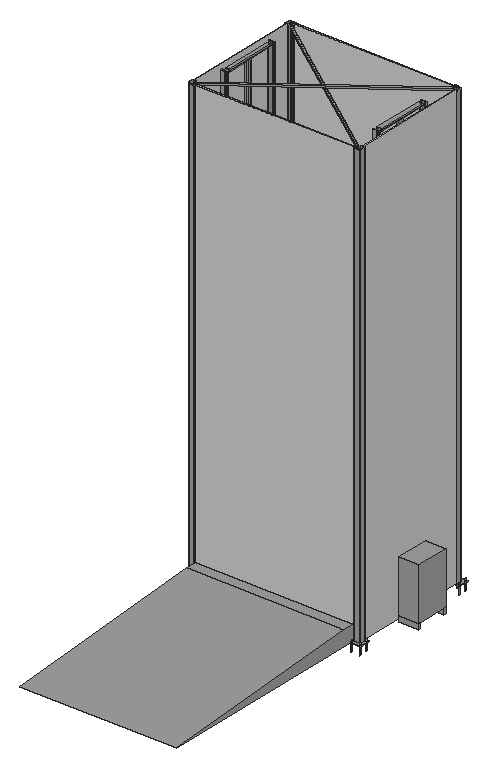
Revit family "1SE_Trez_TC_2C_T_3000_With_Ramp", category Specialty Equipment, Revit 2019
Family settings
  Round Connector Dimension = Use Diameter
  Part Type = Normal
  Work Plane-Based = No
  Always vertical = Yes
  Cut with Voids When Loaded = Yes
  Shared = No
  Room Calculation Point = No
Parameters (values of type "Platform-2000x2000mm with Door Height 2500mm")
  Safe Working Load = 3000.00 kg  # constant formula
  Safe Space = if(Cabin or Platform = Cabin, 900.0 mm, if(and(Cabin or Platform = Platform, Door Clear Height > 1900.0 mm), 600.0 mm, 0.0 mm))  # 600.0 mm
  Ramp Width = Tower Width - 250.0 mm  # 2700.0 mm
  Ramp Material = TREZ_Steel
  Platform = Speciality_Equipment_Trez_Platform : Platform
  Door Clear Width = Clear Width  # 2000.0 mm
  Door Clear Height = 2500.0 mm
  Clear Width = 2000.0 mm
  URL = "https://trez.bg/en/products/goods-only-lift-tc/tc-2ct-two-cylinders-and-tower/"
  Tower Width = Real Width + 2 * Clearance  # 2950.0 mm
  Tower Depth = Real Depth + 180.0 mm  # 2180.0 mm
  Tower Cladding Material = TREZ_Steel_Cladding
  Real Width = if(Clear Width < 1300.0 mm, 1300.0 mm, if(Clear Width > 2000.0 mm, 2000.0 mm, Clear Width))  # 2000.0 mm
  Real Depth = if(Clear Depth < 1300.0 mm, 1300.0 mm, if(Clear Depth > 2000.0 mm, 2000.0 mm, Clear Depth))  # 2000.0 mm
  Profiles Material = TREZ_Steel
  Platform Material = TREZ_Steel
  Ramp Height = 250.0 mm  # constant formula
  Travel = 4500.0 mm
  Rail Height = Travel + Headroom  # 7600.0 mm
  Model = "TC 2C T 3000"
  Manufacturer = "TREZ Ltd."
  Headroom = Door Clear Height + Safe Space  # 3100.0 mm
  Description = "Trez Compact 2 Cylinders Tower. Goods only lift."  # constant formula
  Clear Depth = 2000.0 mm
  Created By URL = "https://all1studio.com/"
  Created By = "All 1 Studio Ltd."
  Clearance = 475.0 mm  # constant formula
  Cabin or Platform Back = yes
  Cabin or Platform = Speciality_Equipment_Trez_Platform : Platform
  Cabin = Speciality_Equipment_Trez_Cabin : Cabin
Reference planes
  plane 1 "Center (Front/Back)": y = 0
  plane 2: z = 0
  plane 3 "Center (Left/Right)": x = 0
  plane 4: x = -1000
  plane 5: x = 1000
  plane 6: y = 1000
  plane 7: y = -1000
  plane 8: x = 1475
  plane 9: y = 1110
  plane 10: x = -1475
  plane 11: y = -1070
  plane 12: x = 1420
  plane 13: x = -1420
  plane 14: y = 1055
  plane 15: y = -1015
  plane 16: z = 4500
  plane 17 "Top of Lift": z = 7600
  plane 18: x = -1428.5
  plane 19: x = 1428.5
  plane 20: x = 1685
  plane 21: x = -1459.032
  plane 22: x = -1441.032
  plane 23: y = 1094
  plane 24: y = 1076
  plane 25: x = 1459
  plane 26: x = 1441
  plane 27: y = -1054
  plane 28: y = -1036
  plane 29: x = -1535
  plane 30: y = 1170
  plane 31: x = 1535
  plane 32: y = -1130
  plane 33: x = -1288.5
  plane 34: x = 1288.5
  plane 35: z = 7540
  plane 36: z = 40
  plane 37: z = -145
  plane 38 "Ramp": z = 250
Forms (mm)
  Extrusion 1, solid, material "TREZ_Steel_Cladding" <- "Tower Cladding Material", detail levels coarse+medium
    sketch origin (0, 0, 0) x (1, 0, 0) y (0, 1, 0)
      loop
        line (-1475, 1110) -> (-1475, 1005) -> (-1459.032, 1005) -> (-1459.032, -965) -> (-1475, -965) -> (-1475, -1070) -> (-1370, -1070) -> (-1370, -1054) -> (1370, -1054) -> (1370, -1070) -> (1475, -1070) -> (1475, -965) -> (1459, -965) -> (1459, 1005) -> (1475, 1005) -> (1475, 1110) -> (1370, 1110) -> (1370, 1094) -> (-1370, 1094) -> (-1370, 1110) -> (-1475, 1110)
      loop
        line (-1420, 1055) -> (-1420, 1005) -> (-1441.032, 1005) -> (-1441.032, -965) -> (-1420, -965) -> (-1420, -1015) -> (-1370, -1015) -> (-1370, -1036) -> (1370, -1036) -> (1370, -1015) -> (1420, -1015) -> (1420, -965) -> (1441, -965) -> (1441, 1005) -> (1420, 1005) -> (1420, 1055) -> (1370, 1055) -> (1370, 1076) -> (-1370, 1076) -> (-1370, 1055) -> (-1420, 1055)
    from 0 to 7600
  Extrusion 2, solid, material "TREZ_Steel" <- "Profiles Material", detail levels fine
    sketch origin (0, 0, 0) x (1, 0, 0) y (0, 1, 0)
      loop
        line (-1475, 1103) -> (-1475, 1012)
        arc (-1475, 1012) -> (-1472.95, 1007.05) -> (-1468, 1005) r 7
        line (-1468, 1005) -> (-1427, 1005)
        arc (-1427, 1005) -> (-1422.05, 1007.05) -> (-1420, 1012) r 7
        line (-1420, 1012) -> (-1420, 1048)
        arc (-1420, 1048) -> (-1417.95, 1052.95) -> (-1413, 1055) r 7
        line (-1413, 1055) -> (-1377, 1055)
        arc (-1377, 1055) -> (-1372.05, 1057.05) -> (-1370, 1062) r 7
        line (-1370, 1062) -> (-1370, 1103)
        arc (-1370, 1103) -> (-1372.05, 1107.95) -> (-1377, 1110) r 7
        line (-1377, 1110) -> (-1468, 1110)
        arc (-1468, 1110) -> (-1472.95, 1107.95) -> (-1475, 1103) r 7
      loop
        line (1468, 1110) -> (1377, 1110)
        arc (1377, 1110) -> (1372.05, 1107.95) -> (1370, 1103) r 7
        line (1370, 1103) -> (1370, 1062)
        arc (1370, 1062) -> (1372.05, 1057.05) -> (1377, 1055) r 7
        line (1377, 1055) -> (1413, 1055)
        arc (1413, 1055) -> (1417.95, 1052.95) -> (1420, 1048) r 7
        line (1420, 1048) -> (1420, 1012)
        arc (1420, 1012) -> (1422.05, 1007.05) -> (1427, 1005) r 7
        line (1427, 1005) -> (1468, 1005)
        arc (1468, 1005) -> (1472.95, 1007.05) -> (1475, 1012) r 7
        line (1475, 1012) -> (1475, 1103)
        arc (1475, 1103) -> (1472.95, 1107.95) -> (1468, 1110) r 7
      loop
        arc (-1475, -1063) -> (-1472.95, -1067.95) -> (-1468, -1070) r 7
        line (-1468, -1070) -> (-1377, -1070)
        arc (-1377, -1070) -> (-1372.05, -1067.95) -> (-1370, -1063) r 7
        line (-1370, -1063) -> (-1370, -1022)
        arc (-1370, -1022) -> (-1372.05, -1017.05) -> (-1377, -1015) r 7
        line (-1377, -1015) -> (-1413, -1015)
        arc (-1413, -1015) -> (-1417.95, -1012.95) -> (-1420, -1008) r 7
        line (-1420, -1008) -> (-1420, -972)
        arc (-1420, -972) -> (-1422.05, -967.05) -> (-1427, -965) r 7
        line (-1427, -965) -> (-1468, -965)
        arc (-1468, -965) -> (-1472.95, -967.05) -> (-1475, -972) r 7
        line (-1475, -972) -> (-1475, -1063)
      loop
        arc (1468, -1070) -> (1472.95, -1067.95) -> (1475, -1063) r 7
        line (1475, -1063) -> (1475, -972)
        arc (1475, -972) -> (1472.95, -967.05) -> (1468, -965) r 7
        line (1468, -965) -> (1427, -965)
        arc (1427, -965) -> (1422.05, -967.05) -> (1420, -972) r 7
        line (1420, -972) -> (1420, -1008)
        arc (1420, -1008) -> (1417.95, -1012.95) -> (1413, -1015) r 7
        line (1413, -1015) -> (1377, -1015)
        arc (1377, -1015) -> (1372.05, -1017.05) -> (1370, -1022) r 7
        line (1370, -1022) -> (1370, -1063)
        arc (1370, -1063) -> (1372.05, -1067.95) -> (1377, -1070) r 7
        line (1377, -1070) -> (1468, -1070)
      loop
        arc (-1373, 1103) -> (-1374.172, 1105.828) -> (-1377, 1107) r 4
        line (-1377, 1107) -> (-1468, 1107)
        arc (-1468, 1107) -> (-1470.828, 1105.828) -> (-1472, 1103) r 4
        line (-1472, 1103) -> (-1472, 1012)
        arc (-1472, 1012) -> (-1470.828, 1009.172) -> (-1468, 1008) r 4
        line (-1468, 1008) -> (-1427, 1008)
        arc (-1427, 1008) -> (-1424.172, 1009.172) -> (-1423, 1012) r 4
        line (-1423, 1012) -> (-1423, 1048)
        arc (-1423, 1048) -> (-1420.071, 1055.071) -> (-1413, 1058) r 10
        line (-1413, 1058) -> (-1377, 1058)
        arc (-1377, 1058) -> (-1374.172, 1059.172) -> (-1373, 1062) r 4
        line (-1373, 1062) -> (-1373, 1103)
      loop
        line (-1373, -1063) -> (-1373, -1022)
        arc (-1373, -1022) -> (-1374.172, -1019.172) -> (-1377, -1018) r 4
        line (-1377, -1018) -> (-1413, -1018)
        arc (-1413, -1018) -> (-1420.071, -1015.071) -> (-1423, -1008) r 10
        line (-1423, -1008) -> (-1423, -972)
        arc (-1423, -972) -> (-1424.172, -969.172) -> (-1427, -968) r 4
        line (-1427, -968) -> (-1468, -968)
        arc (-1468, -968) -> (-1470.828, -969.172) -> (-1472, -972) r 4
        line (-1472, -972) -> (-1472, -1063)
        arc (-1472, -1063) -> (-1470.828, -1065.828) -> (-1468, -1067) r 4
        line (-1468, -1067) -> (-1377, -1067)
        arc (-1377, -1067) -> (-1374.172, -1065.828) -> (-1373, -1063) r 4
      loop
        line (1472, -1063) -> (1472, -972)
        arc (1472, -972) -> (1470.828, -969.172) -> (1468, -968) r 4
        line (1468, -968) -> (1427, -968)
        arc (1427, -968) -> (1424.172, -969.172) -> (1423, -972) r 4
        line (1423, -972) -> (1423, -1008)
        arc (1423, -1008) -> (1420.071, -1015.071) -> (1413, -1018) r 10
        line (1413, -1018) -> (1377, -1018)
        arc (1377, -1018) -> (1374.172, -1019.172) -> (1373, -1022) r 4
        line (1373, -1022) -> (1373, -1063)
        arc (1373, -1063) -> (1374.172, -1065.828) -> (1377, -1067) r 4
        line (1377, -1067) -> (1468, -1067)
        arc (1468, -1067) -> (1470.828, -1065.828) -> (1472, -1063) r 4
      loop
        arc (1472, 1103) -> (1470.828, 1105.828) -> (1468, 1107) r 4
        line (1468, 1107) -> (1377, 1107)
        arc (1377, 1107) -> (1374.172, 1105.828) -> (1373, 1103) r 4
        line (1373, 1103) -> (1373, 1062)
        arc (1373, 1062) -> (1374.172, 1059.172) -> (1377, 1058) r 4
        line (1377, 1058) -> (1413, 1058)
        arc (1413, 1058) -> (1420.071, 1055.071) -> (1423, 1048) r 10
        line (1423, 1048) -> (1423, 1012)
        arc (1423, 1012) -> (1424.172, 1009.172) -> (1427, 1008) r 4
        line (1427, 1008) -> (1468, 1008)
        arc (1468, 1008) -> (1470.828, 1009.172) -> (1472, 1012) r 4
        line (1472, 1012) -> (1472, 1103)
    from 5 to 7600
  Extrusion 3, solid, material "TREZ_Steel_Cladding" <- "Tower Cladding Material", detail levels fine
    sketch origin (0, 0, 0) x (1, 0, 0) y (0, 1, 0)
      loop
        line (1459, 1005) -> (1441, 1005) -> (1441, -965) -> (1459, -965) -> (1459, 1005)
      loop
        line (1370, 1094) -> (-1370, 1094) -> (-1370, 1076) -> (1370, 1076) -> (1370, 1094)
      loop
        line (1370, -1036) -> (-1370, -1036) -> (-1370, -1054) -> (1370, -1054) -> (1370, -1036)
      loop
        line (-1441.032, -965) -> (-1441.032, 1005) -> (-1459.032, 1005) -> (-1459.032, -965) -> (-1441.032, -965)
    from 0 to 7600
  Extrusion 4, solid, material "TREZ_Steel" <- "Profiles Material", detail levels fine
    sketch origin (0, 0, 0) x (1, 0, 0) y (0, 1, 0)
      loop
        arc (1357, 1170) -> (1352.05, 1167.95) -> (1350, 1163) r 7
        line (1350, 1163) -> (1350, 1110) -> (1370, 1110) -> (1370, 1055) -> (1420, 1055) -> (1420, 1005) -> (1475, 1005) -> (1475, 985) -> (1528, 985)
        arc (1528, 985) -> (1532.95, 987.05) -> (1535, 992) r 7
        line (1535, 992) -> (1535, 1163)
        arc (1535, 1163) -> (1532.95, 1167.95) -> (1528, 1170) r 7
        line (1528, 1170) -> (1357, 1170)
      loop
        line (-1357, 1170) -> (-1528, 1170)
        arc (-1528, 1170) -> (-1532.95, 1167.95) -> (-1535, 1163) r 7
        line (-1535, 1163) -> (-1535, 992)
        arc (-1535, 992) -> (-1532.95, 987.05) -> (-1528, 985) r 7
        line (-1528, 985) -> (-1475, 985) -> (-1475, 1005) -> (-1420, 1005) -> (-1420, 1055) -> (-1370, 1055) -> (-1370, 1110) -> (-1350, 1110) -> (-1350, 1163)
        arc (-1350, 1163) -> (-1352.05, 1167.95) -> (-1357, 1170) r 7
      loop
        line (1357, -1130) -> (1528, -1130)
        arc (1528, -1130) -> (1532.95, -1127.95) -> (1535, -1123) r 7
        line (1535, -1123) -> (1535, -952)
        arc (1535, -952) -> (1532.95, -947.05) -> (1528, -945) r 7
        line (1528, -945) -> (1475, -945) -> (1475, -965) -> (1420, -965) -> (1420, -1015) -> (1370, -1015) -> (1370, -1070) -> (1350, -1070) -> (1350, -1123)
        arc (1350, -1123) -> (1352.05, -1127.95) -> (1357, -1130) r 7
      loop
        arc (-1357, -1130) -> (-1352.05, -1127.95) -> (-1350, -1123) r 7
        line (-1350, -1123) -> (-1350, -1070) -> (-1370, -1070) -> (-1370, -1015) -> (-1420, -1015) -> (-1420, -965) -> (-1475, -965) -> (-1475, -945) -> (-1528, -945)
        arc (-1528, -945) -> (-1532.95, -947.05) -> (-1535, -952) r 7
        line (-1535, -952) -> (-1535, -1123)
        arc (-1535, -1123) -> (-1532.95, -1127.95) -> (-1528, -1130) r 7
        line (-1528, -1130) -> (-1357, -1130)
    from 5 to 0
  Sweep 5, solid, material "TREZ_Steel" <- "Profiles Material", detail levels fine
    path origin (0, 0, 7600) x (-1, 0, 0) y (0, -1, 0)
      loop
        line (1420, 1015) -> (-1420, -1055)
    profile origin (0, 20, 7600) x (-0.589017, 0.80812, 0) y (0, 0, 1)
      loop
        line (15, 0) -> (-15, 0) -> (-15, -30) -> (15, -30) -> (15, 0)
  Sweep 6, solid, material "TREZ_Steel" <- "Profiles Material", detail levels fine
    path origin (0, 0, 7600) x (-1, 0, 0) y (0, -1, 0)
      loop
        line (1420, -1055) -> (-1420, 1015)
    profile origin (0, 20, 7600) x (0.589017, 0.80812, 0) y (0, 0, 1)
      loop
        line (-15, -60) -> (15, -60) -> (15, -30) -> (-15, -30) -> (-15, -60)
  Extrusion 7, void
    sketch origin (0, 0, 7600) x (-1, 0, 0) y (0, -1, 0)
      loop
        arc (1427, -1005) -> (1422.05, -1007.05) -> (1420, -1012) r 7
        line (1420, -1012) -> (1420, -1048)
        arc (1420, -1048) -> (1417.95, -1052.95) -> (1413, -1055) r 7
        line (1413, -1055) -> (1377, -1055)
        arc (1377, -1055) -> (1372.05, -1057.05) -> (1370, -1062) r 7
        line (1370, -1062) -> (1370, -1103)
        arc (1370, -1103) -> (1372.05, -1107.95) -> (1377, -1110) r 7
        line (1377, -1110) -> (1468, -1110)
        arc (1468, -1110) -> (1472.95, -1107.95) -> (1475, -1103) r 7
        line (1475, -1103) -> (1475, -1012)
        arc (1475, -1012) -> (1472.95, -1007.05) -> (1468, -1005) r 7
        line (1468, -1005) -> (1427, -1005)
      loop
        arc (-1370, -1062) -> (-1372.05, -1057.05) -> (-1377, -1055) r 7
        line (-1377, -1055) -> (-1413, -1055)
        arc (-1413, -1055) -> (-1417.95, -1052.95) -> (-1420, -1048) r 7
        line (-1420, -1048) -> (-1420, -1012)
        arc (-1420, -1012) -> (-1422.05, -1007.05) -> (-1427, -1005) r 7
        line (-1427, -1005) -> (-1468, -1005)
        arc (-1468, -1005) -> (-1472.95, -1007.05) -> (-1475, -1012) r 7
        line (-1475, -1012) -> (-1475, -1103)
        arc (-1475, -1103) -> (-1472.95, -1107.95) -> (-1468, -1110) r 7
        line (-1468, -1110) -> (-1377, -1110)
        arc (-1377, -1110) -> (-1372.05, -1107.95) -> (-1370, -1103) r 7
        line (-1370, -1103) -> (-1370, -1062)
      loop
        arc (-1427, 965) -> (-1422.05, 967.05) -> (-1420, 972) r 7
        line (-1420, 972) -> (-1420, 1008)
        arc (-1420, 1008) -> (-1417.95, 1012.95) -> (-1413, 1015) r 7
        line (-1413, 1015) -> (-1377, 1015)
        arc (-1377, 1015) -> (-1372.05, 1017.05) -> (-1370, 1022) r 7
        line (-1370, 1022) -> (-1370, 1063)
        arc (-1370, 1063) -> (-1372.05, 1067.95) -> (-1377, 1070) r 7
        line (-1377, 1070) -> (-1468, 1070)
        arc (-1468, 1070) -> (-1472.95, 1067.95) -> (-1475, 1063) r 7
        line (-1475, 1063) -> (-1475, 972)
        arc (-1475, 972) -> (-1472.95, 967.05) -> (-1468, 965) r 7
        line (-1468, 965) -> (-1427, 965)
      loop
        arc (1420, 972) -> (1422.05, 967.05) -> (1427, 965) r 7
        line (1427, 965) -> (1468, 965)
        arc (1468, 965) -> (1472.95, 967.05) -> (1475, 972) r 7
        line (1475, 972) -> (1475, 1063)
        arc (1475, 1063) -> (1472.95, 1067.95) -> (1468, 1070) r 7
        line (1468, 1070) -> (1377, 1070)
        arc (1377, 1070) -> (1372.05, 1067.95) -> (1370, 1063) r 7
        line (1370, 1063) -> (1370, 1022)
        arc (1370, 1022) -> (1372.05, 1017.05) -> (1377, 1015) r 7
        line (1377, 1015) -> (1413, 1015)
        arc (1413, 1015) -> (1417.95, 1012.95) -> (1420, 1008) r 7
        line (1420, 1008) -> (1420, 972)
    from -60 to 0
  Extrusion 8, solid, material "TREZ_Steel" <- "Profiles Material", detail levels fine
    sketch origin (0, 0, 0) x (1, 0, 0) y (0, 1, 0)
      loop
        circle (-1510.697, 1154.303) r 6
      loop
        circle (-1365.697, 1154.303) r 6
      loop
        circle (-1510.697, 1009.303) r 6
      loop
        circle (1510.697, 1154.303) r 6
      loop
        circle (1365.697, 1154.303) r 6
      loop
        circle (1510.697, 1009.303) r 6
      loop
        circle (-1510.697, -1114.303) r 6
      loop
        circle (-1365.697, -1114.303) r 6
      loop
        circle (-1510.697, -969.303) r 6
      loop
        circle (1510.697, -1114.303) r 6
      loop
        circle (1365.697, -1114.303) r 6
      loop
        circle (1510.697, -969.303) r 6
    from -145 to 40
Cuts and joins
  Extrusion 7 cuts Sweep 5
  Extrusion 7 cuts Sweep 6
  joined: Extrusion 4, Extrusion 8
Lines and regions (mm)
  symbolic lines, style "Profiles"
    curve 1: line (-1475, 1110, 0) -> (-1370, 1110, 0)
    curve 2: line (-1370, 1110, 0) -> (-1370, 1055, 0)
    curve 3: line (-1370, 1055, 0) -> (-1420, 1055, 0)
    curve 4: line (-1420, 1055, 0) -> (-1420, 1005, 0)
    curve 5: line (-1420, 1005, 0) -> (-1475, 1005, 0)
    curve 6: line (-1475, 1005, 0) -> (-1475, 1110, 0)
    curve 7: line (1370, 1110, 0) -> (1475, 1110, 0)
    curve 8: line (1475, 1110, 0) -> (1475, 1005, 0)
    curve 9: line (1475, 1005, 0) -> (1420, 1005, 0)
    curve 10: line (1420, 1005, 0) -> (1420, 1055, 0)
    curve 11: line (1420, 1055, 0) -> (1370, 1055, 0)
    curve 12: line (1370, 1055, 0) -> (1370, 1110, 0)
    curve 13: line (-1475, -965, 0) -> (-1420, -965, 0)
    curve 14: line (-1420, -965, 0) -> (-1420, -1015, 0)
    curve 15: line (-1420, -1015, 0) -> (-1370, -1015, 0)
    curve 16: line (-1370, -1015, 0) -> (-1370, -1070, 0)
    curve 17: line (-1370, -1070, 0) -> (-1475, -1070, 0)
    curve 18: line (-1475, -1070, 0) -> (-1475, -965, 0)
    curve 19: line (1370, -1015, 0) -> (1420, -1015, 0)
    curve 20: line (1420, -1015, 0) -> (1420, -965, 0)
    curve 21: line (1420, -965, 0) -> (1475, -965, 0)
    curve 22: line (1475, -965, 0) -> (1475, -1070, 0)
    curve 23: line (1475, -1070, 0) -> (1370, -1070, 0)
    curve 24: line (1370, -1015, 0) -> (1370, -1070, 0)
    curve 25: line (1459, 1005, 0) -> (1441, 1005, 0)
    curve 26: line (1459, -965, 0) -> (1459, 1005, 0)
    curve 27: line (1441, -965, 0) -> (1459, -965, 0)
    curve 28: line (1441, 1005, 0) -> (1441, -965, 0)
    curve 29: line (1370, -1036, 0) -> (-1370, -1036, 0)
    curve 30: line (1370, -1054, 0) -> (1370, -1036, 0)
    curve 31: line (-1370, -1054, 0) -> (1370, -1054, 0)
    curve 32: line (-1370, -1036, 0) -> (-1370, -1054, 0)
    curve 33: line (-1441.032, -965, 0) -> (-1459.032, -965, 0)
    curve 34: line (-1441.032, 1005, 0) -> (-1441.032, -965, 0)
    curve 35: line (-1459.032, 1005, 0) -> (-1441.032, 1005, 0)
    curve 36: line (-1459.032, -965, 0) -> (-1459.032, 1005, 0)
    curve 37: line (-1370, 1076, 0) -> (1370, 1076, 0)
    curve 38: line (-1370, 1094, 0) -> (-1370, 1076, 0)
    curve 39: line (1370, 1094, 0) -> (-1370, 1094, 0)
    curve 40: line (1370, 1076, 0) -> (1370, 1094, 0)
  symbolic lines, style "Platform"
    curve 41: line (-1000, 1000, 0) -> (1000, 1000, 0)
    curve 42: line (-1000, -1000, 0) -> (-1000, 1000, 0)
    curve 43: line (1000, -1000, 0) -> (-1000, -1000, 0)
    curve 44: line (1000, 1000, 0) -> (1000, -1000, 0)
    curve 45: line (-1000, 1000, 0) -> (1000, -1000, 0)
    curve 46: line (1000, 1000, 0) -> (-1000, -1000, 0)
  model lines, style "Profiles", detail levels coarse+medium
    curve 47: line (-1420, 1055, 7600) -> (1420, -1015, 7600)
    curve 48: line (1420, 1055, 7600) -> (-1420, -1015, 7600)
Dimensions and locks
  equal spacing: plane 4, plane 3 "Center (Left/Right)", plane 5
  "Real Width": plane 4 to plane 5
  equal spacing: plane 7, plane 1 "Center (Front/Back)", plane 6
  "Real Depth": plane 7 to plane 6
  locked: plane 6 to plane 9 at 110
  locked: plane 7 to plane 11 at 70
  locked: plane 12 to plane 8 at 55
  locked: plane 10 to plane 13 at 55
  locked: plane 14 to plane 9 at 55
  locked: plane 15 to plane 11 at 55
  "Travel": plane 16 to level
  "Clearance": plane 5 to plane 8
  "Clearance": plane 10 to plane 4
  locked: plane 8 to plane 20 at 210
  locked: plane 10 to plane 18 at 46.5
  locked: plane 19 to plane 8 at 46.5
  plane 10 to plane 21 to plane 22 = 15.968 mm locked, 18.0 mm locked
  plane 24 to plane 23 to plane 9 = 18.0 mm locked, 16.0 mm locked
  plane 26 to plane 25 to plane 8 = 18.0 mm locked, 16.0 mm locked
  plane 28 to plane 27 to plane 11 = 18.0 mm locked, 16.0 mm locked
  locked: plane 29 to plane 10 at 60
  locked: plane 9 to plane 30 at 60
  locked: plane 8 to plane 31 at 60
  locked: plane 11 to plane 32 at 60
  locked: plane 10 to plane 33 at 186.5
  locked: plane 34 to plane 8 at 186.5
  "Headroom": plane 17 "Top of Lift" to plane 16
  locked: plane 17 "Top of Lift" to plane 35 at 60
  locked: plane 36 to level at 40
  locked: level to plane 37 at 145
  "Ramp Height": plane 38 "Ramp" to level
  aligned and locked: level to plane 2
  aligned and locked: plane 9 to Extrusion 1 sketch curve
  aligned and locked: plane 10 to Extrusion 1 sketch curve
  aligned and locked: plane 11 to Extrusion 1 sketch curve
  aligned and locked: plane 8 to Extrusion 1 sketch curve
  aligned and locked: plane 14 to Extrusion 1 sketch curve
  aligned and locked: plane 13 to Extrusion 1 sketch curve
  aligned and locked: plane 15 to Extrusion 1 sketch curve
  aligned and locked: plane 12 to Extrusion 1 sketch curve
  aligned and locked: plane 17 "Top of Lift" to Extrusion 1
  aligned and locked: plane 1 "Center (Front/Back)" to nested 1
  aligned and locked: plane 3 "Center (Left/Right)" to nested 1
  aligned and locked: nested 2 to plane 20
  aligned and locked: Extrusion 2 sketch curve to plane 10
  aligned and locked: Extrusion 2 sketch curve to plane 9  (x2)
  aligned and locked: Extrusion 2 sketch curve to plane 13
  aligned and locked: Extrusion 2 sketch curve to plane 14  (x2)
  aligned and locked: plane 8 to Extrusion 2 sketch curve
  aligned and locked: plane 17 "Top of Lift" to Extrusion 2
  aligned and locked: Extrusion 3 sketch curve to Extrusion 2  (x6)
  aligned and locked: Extrusion 3 sketch curve to plane 25
  aligned and locked: plane 26 to Extrusion 3 sketch curve
  aligned and locked: Extrusion 3 sketch curve to plane 23
  aligned and locked: plane 24 to Extrusion 3 sketch curve
  aligned and locked: plane 28 to Extrusion 3 sketch curve
  aligned and locked: Extrusion 3 sketch curve to plane 27
  aligned and locked: Extrusion 2 to Extrusion 3 sketch curve  (x2)
  aligned and locked: Extrusion 3 sketch curve to plane 22
  aligned and locked: plane 21 to Extrusion 3 sketch curve
  aligned and locked: plane 17 "Top of Lift" to Extrusion 3
  aligned and locked: plane 33 to nested 3
  aligned and locked: nested 4 to plane 34
  aligned and locked: plane 1 "Center (Front/Back)" to nested 3
  aligned and locked: nested 4 to plane 1 "Center (Front/Back)"
  aligned and locked: plane 14 to Sweep 5 sketch curve
  aligned and locked: plane 12 to Sweep 5 sketch curve
  aligned and locked: plane 13 to Sweep 5 sketch curve
  aligned and locked: plane 15 to Sweep 5 sketch curve
  aligned and locked: plane 12 to Sweep 6 sketch curve
  aligned and locked: plane 15 to Sweep 6 sketch curve
  aligned and locked: plane 14 to Sweep 6 sketch curve
  aligned and locked: plane 13 to Sweep 6 sketch curve
  aligned and locked: plane 35 to Extrusion 7
  aligned and locked: plane 17 "Top of Lift" to Extrusion 7
  aligned and locked: Extrusion 8 to plane 37
  aligned and locked: plane 36 to Extrusion 8
  aligned and locked: plane 16 to nested 1
  aligned and locked: nested 5 to plane 3 "Center (Left/Right)"
  aligned and locked: plane 27 to nested 5
  aligned and locked: level to nested 4
  aligned and locked: nested 3 to level
Automatic sketch dimensions
  Extrusion 1 sketch curve to plane 10 = 0.0 mm
  Extrusion 1 sketch curve to plane 21 = 0.0 mm
  Extrusion 1 sketch curve to plane 22 = 0.0 mm
  Extrusion 1 sketch curve to plane 13 = 0.0 mm
  Extrusion 1 sketch curve to plane 28 = 0.0 mm
  Extrusion 1 sketch curve to plane 15 = 0.0 mm
  Extrusion 1 sketch curve to plane 27 = 0.0 mm
  Extrusion 1 sketch curve to plane 11 = 0.0 mm
  plane 24 to Extrusion 1 sketch curve = 0.0 mm
  plane 23 to Extrusion 1 sketch curve = 0.0 mm
  plane 9 to Extrusion 1 sketch curve = 0.0 mm
  plane 14 to Extrusion 1 sketch curve = 0.0 mm
  Extrusion 1 sketch curve to plane 12 = 0.0 mm
  Extrusion 1 sketch curve to plane 26 = 0.0 mm
  Extrusion 1 sketch curve to plane 25 = 0.0 mm
  Extrusion 1 sketch curve to plane 8 = 0.0 mm
  plane 13 to Extrusion 1 sketch curve = 50.0 mm  (x2)
  Extrusion 1 sketch curve to Extrusion 1 sketch curve = 0.0 mm  (x5)
  plane 12 to Extrusion 1 sketch curve = 50.0 mm  (x2)
  plane 7 to Extrusion 1 sketch curve = 35.0 mm  (x3)
  Extrusion 1 sketch curve to plane 6 = 5.0 mm  (x4)
  Extrusion 2 sketch curve to Extrusion 2 sketch curve = 0.0 mm  (x48)
  Extrusion 2 sketch curve to plane 10 = 0.0 mm
  Extrusion 2 sketch curve to plane 11 = 0.0 mm  (x2)
  Extrusion 2 sketch curve to plane 13 = 0.0 mm
  Extrusion 2 sketch curve to plane 15 = 0.0 mm  (x2)
  Extrusion 2 sketch curve to plane 12 = 0.0 mm  (x2)
  Extrusion 2 sketch curve to plane 8 = 0.0 mm
  Extrusion 2 sketch curve to Extrusion 2 sketch curve = 3.0 mm  (x4)
  Extrusion 2 sketch curve to Extrusion 2 sketch curve = 4.0 mm  (x9)
  plane 10 to Extrusion 2 sketch curve = 7.0 mm
  plane 18 to Extrusion 2 sketch curve = 1.5 mm  (x2)
  plane 13 to Extrusion 2 sketch curve = 7.0 mm  (x2)
  Extrusion 2 sketch curve to plane 15 = 7.0 mm  (x2)
  Extrusion 2 sketch curve to Extrusion 2 sketch curve = 36.0 mm  (x2)
  Extrusion 2 sketch curve to plane 14 = 7.0 mm
  plane 9 to Extrusion 2 sketch curve = 7.0 mm
  plane 12 to Extrusion 2 sketch curve = 50.0 mm  (x2)
  Extrusion 2 sketch curve to Extrusion 2 sketch curve = 7.0 mm
  plane 12 to Extrusion 2 sketch curve = 7.0 mm
  plane 19 to Extrusion 2 sketch curve = 1.5 mm  (x2)
  plane 8 to Extrusion 2 sketch curve = 7.0 mm  (x2)
  Extrusion 2 sketch curve to plane 6 = 5.0 mm  (x2)
  plane 7 to Extrusion 2 sketch curve = 28.0 mm  (x2)
  Extrusion 4 sketch curve to plane 29 = 0.0 mm  (x2)
  plane 30 to Extrusion 4 sketch curve = 0.0 mm  (x2)
  Extrusion 4 sketch curve to plane 32 = 0.0 mm  (x2)
  Extrusion 4 sketch curve to plane 10 = 0.0 mm  (x2)
  Extrusion 4 sketch curve to plane 13 = 0.0 mm  (x2)
  plane 9 to Extrusion 4 sketch curve = 0.0 mm  (x2)
  Extrusion 4 sketch curve to plane 11 = 0.0 mm  (x2)
  Extrusion 4 sketch curve to plane 15 = 0.0 mm  (x2)
  plane 14 to Extrusion 4 sketch curve = 0.0 mm  (x2)
  Extrusion 4 sketch curve to plane 12 = 0.0 mm  (x2)
  Extrusion 4 sketch curve to plane 8 = 0.0 mm  (x2)
  Extrusion 4 sketch curve to plane 31 = 0.0 mm  (x2)
  plane 29 to Extrusion 4 sketch curve = 7.0 mm  (x4)
  plane 13 to Extrusion 4 sketch curve = 50.0 mm  (x2)
  Extrusion 4 sketch curve to Extrusion 4 sketch curve = 13.0 mm  (x2)
  plane 30 to Extrusion 4 sketch curve = 7.0 mm
  Extrusion 4 sketch curve to Extrusion 4 sketch curve = 20.0 mm  (x2)
  Extrusion 4 sketch curve to plane 34 = 61.5 mm  (x2)
  Extrusion 4 sketch curve to Extrusion 4 sketch curve = 7.0 mm  (x3)
  Extrusion 4 sketch curve to Extrusion 4 sketch curve = 50.0 mm
  plane 31 to Extrusion 4 sketch curve = 7.0 mm  (x3)
  plane 7 to Extrusion 4 sketch curve = 35.0 mm  (x2)
  plane 7 to Extrusion 4 sketch curve = 48.0 mm  (x2)
  plane 6 to Extrusion 4 sketch curve = 15.0 mm  (x2)
  Extrusion 4 sketch curve to plane 6 = 5.0 mm  (x2)
  profile plane to Sweep 5 sketch curve = 15.0 mm
  Sweep 5 sketch curve to Sweep 5 sketch curve = 30.0 mm
  Sweep 5 sketch curve to profile plane = 15.0 mm
  plane 17 "Top of Lift" to Sweep 5 sketch curve = 0.0 mm
  profile plane to Sweep 6 sketch curve = 15.0 mm
  Sweep 6 sketch curve to profile plane = 15.0 mm
  Sweep 6 sketch curve to plane 17 "Top of Lift" = 60.0 mm
  Sweep 6 sketch curve to Sweep 6 sketch curve = 30.0 mm
  plane 9 to Extrusion 7 sketch curve = 0.0 mm  (x2)
  plane 14 to Extrusion 7 sketch curve = 0.0 mm  (x2)
  Extrusion 7 sketch curve to plane 13 = 0.0 mm  (x2)
  Extrusion 7 sketch curve to plane 10 = 0.0 mm  (x2)
  Extrusion 7 sketch curve to Extrusion 7 sketch curve = 7.0 mm  (x9)
  plane 13 to Extrusion 7 sketch curve = 43.0 mm
  Extrusion 7 sketch curve to Extrusion 7 sketch curve = 36.0 mm  (x2)
  plane 18 to Extrusion 7 sketch curve = 1.5 mm  (x2)
  plane 10 to Extrusion 7 sketch curve = 7.0 mm
  Extrusion 7 sketch curve to plane 6 = 12.0 mm
  Extrusion 7 sketch curve to plane 8 = 0.0 mm  (x2)
  Extrusion 7 sketch curve to plane 12 = 0.0 mm  (x2)
  Extrusion 7 sketch curve to plane 6 = 5.0 mm
  plane 8 to Extrusion 7 sketch curve = 7.0 mm  (x3)
  plane 19 to Extrusion 7 sketch curve = 1.5 mm  (x2)
  Extrusion 7 sketch curve to plane 14 = 7.0 mm
  Extrusion 7 sketch curve to plane 11 = 0.0 mm  (x2)
  Extrusion 7 sketch curve to plane 15 = 0.0 mm  (x2)
  plane 12 to Extrusion 7 sketch curve = 7.0 mm
  plane 11 to Extrusion 7 sketch curve = 7.0 mm  (x2)
  plane 12 to Extrusion 7 sketch curve = 43.0 mm
  Extrusion 7 sketch curve to plane 15 = 7.0 mm
  plane 7 to Extrusion 7 sketch curve = 35.0 mm  (x2)
  plane 13 to Extrusion 7 sketch curve = 50.0 mm
  plane 13 to Extrusion 7 sketch curve = 7.0 mm
  curve 47 to plane 12 = 0.0 mm
  curve 48 to plane 12 = 0.0 mm
  curve 48 to plane 13 = 0.0 mm
  curve 47 to plane 13 = 0.0 mm
  plane 14 to curve 48 = 0.0 mm
  plane 14 to curve 47 = 0.0 mm
  curve 48 to plane 15 = 0.0 mm
  curve 47 to plane 15 = 0.0 mm
  plane 9 to curve 1 = 0.0 mm
  curve 1 to plane 10 = 0.0 mm
  curve 18 to plane 10 = 0.0 mm
  curve 36 to plane 21 = 0.0 mm
  curve 35 to plane 22 = 0.0 mm
  curve 4 to plane 13 = 0.0 mm
  curve 15 to plane 13 = 0.0 mm
  plane 24 to curve 37 = 0.0 mm
  curve 15 to plane 15 = 0.0 mm
  curve 16 to plane 11 = 0.0 mm
  plane 23 to curve 38 = 0.0 mm
  curve 32 to plane 27 = 0.0 mm
  curve 32 to plane 28 = 0.0 mm
  plane 14 to curve 2 = 0.0 mm
  curve 42 to plane 4 = 0.0 mm
  curve 44 to plane 5 = 0.0 mm
  curve 24 to plane 11 = 0.0 mm
  curve 24 to plane 15 = 0.0 mm
  plane 14 to curve 11 = 0.0 mm
  plane 9 to curve 7 = 0.0 mm
  curve 19 to plane 12 = 0.0 mm
  curve 11 to plane 12 = 0.0 mm
  curve 25 to plane 26 = 0.0 mm
  curve 27 to plane 25 = 0.0 mm
  curve 22 to plane 8 = 0.0 mm
  curve 9 to plane 8 = 0.0 mm
  curve 43 to plane 7 = 0.0 mm
  plane 6 to curve 44 = 0.0 mm
  plane 13 to curve 37 = 50.0 mm
  plane 13 to curve 15 = 50.0 mm
  curve 32 to curve 16 = 0.0 mm
  curve 2 to curve 37 = 0.0 mm
  plane 12 to curve 29 = 50.0 mm
  curve 24 to curve 30 = 0.0 mm
  plane 12 to curve 39 = 50.0 mm
  curve 11 to curve 37 = 0.0 mm
  plane 7 to curve 14 = 35.0 mm
  curve 33 to curve 13 = 0.0 mm
  plane 7 to curve 28 = 35.0 mm
  curve 20 to curve 27 = 0.0 mm
  curve 10 to plane 6 = 5.0 mm
  curve 28 to plane 6 = 5.0 mm
  curve 35 to plane 6 = 5.0 mm
  curve 6 to plane 6 = 5.0 mm
  plane 29 to Extrusion 8 sketch curve = 24.303 mm  (x4)
  Extrusion 8 sketch curve to plane 6 = 9.303 mm  (x2)
  plane 30 to Extrusion 8 sketch curve = 15.697 mm  (x4)
  plane 13 to Extrusion 8 sketch curve = 54.303 mm  (x2)
  plane 32 to Extrusion 8 sketch curve = 15.697 mm  (x4)
  plane 12 to Extrusion 8 sketch curve = 54.303 mm  (x2)
  plane 31 to Extrusion 8 sketch curve = 24.303 mm  (x4)
  plane 7 to Extrusion 8 sketch curve = 30.697 mm  (x2)
  radius of Extrusion 8 sketch curve = 6.0 mm  (x12)
Nested families
  nested 1: "Speciality_Equipment_Trez_Platform" at (0, 0, 4500), type <- "Cabin or Platform", type "Platform"
    with Width 2000.0 mm, Depth 2000.0 mm
  nested 2: "Electrical_Equpment_Trez_Cabinet" at (1685, 0, 0) x (0, 1, 0) z (0, 0, 1), type "Cabinet"
  nested 3: "Generic_Model_Trez_Rails" at (-1288.5, 0, 0), type "Rails"
    with Height 7600.0 mm
  nested 4: "Generic_Model_Trez_Rails" at (1288.5, 0, 0) x (-1, 0, 0) z (0, 0, 1), type "Rails"
    with Height 7600.0 mm
  nested 5: "Generic_Model_Trez_Ramp" at (0, -1154, 0), type "4 Degree Ramp"
    with Ramp Width 2700.0 mm, Ramp Length 3583.897 mm, Ramp Height 250.0 mm
Definition of nested family "Speciality_Equipment_Trez_Platform"
  Parameters (values of type "Speciality_Equipment_Trez_Platform")
    Width = 3600.0 mm
    Platform Material = none
    Depth = 2900.0 mm
    Back Board = yes
  Reference planes
    plane 1 "Center (Front/Back)": y = 0
    plane 2 "Bottom": z = 0
    plane 3 "Center (Left/Right)": x = 0
    plane 4: x = 1800
    plane 5: x = -1800
    plane 6: y = 1450
    plane 7: y = -1450
    plane 8: x = -1889
    plane 9: x = 1889
    plane 10: y = 1485
    plane 11: z = -89
    plane 12: z = 709
  Forms (mm)
    Extrusion 1, solid, material <- "Platform Material", visible <- "Back Board"
      sketch origin (0, 0, 0) x (1, 0, 0) y (0, 1, 0)
        loop
          line (-1889, 1485) -> (-1889, 1450) -> (1889, 1450) -> (1889, 1485) -> (-1889, 1485)
      from 0 to 709
    Extrusion 2, solid, material <- "Platform Material", detail levels coarse+medium
      sketch origin (0, 0, 0) x (1, 0, 0) y (0, 0, 1)
        loop
          line (-1800, 709) -> (-1889, 709) -> (-1889, -89) -> (1889, -89) -> (1889, 709) -> (1800, 709) -> (1800, 0) -> (-1800, 0) -> (-1800, 709)
      from -1450 to 1450
    Extrusion 3, solid, material <- "Platform Material", detail levels fine
      sketch origin (0, 0, 0) x (1, 0, 0) y (0, 0, 1)
        loop
          arc (-1874, 709) -> (-1884.607, 704.607) -> (-1889, 694) r 15
          line (-1889, 694) -> (-1889, -74)
          arc (-1889, -74) -> (-1884.607, -84.607) -> (-1874, -89) r 15
          line (-1874, -89) -> (1874, -89)
          arc (1874, -89) -> (1884.607, -84.607) -> (1889, -74) r 15
          line (1889, -74) -> (1889, 694)
          arc (1889, 694) -> (1884.607, 704.607) -> (1874, 709) r 15
          line (1874, 709) -> (1815, 709)
          arc (1815, 709) -> (1804.393, 704.607) -> (1800, 694) r 15
          line (1800, 694) -> (1800, 15)
          arc (1800, 15) -> (1795.607, 4.393) -> (1785, 0) r 15
          line (1785, 0) -> (-1785, 0)
          arc (-1785, 0) -> (-1795.607, 4.393) -> (-1800, 15) r 15
          line (-1800, 15) -> (-1800, 694)
          arc (-1800, 694) -> (-1804.393, 704.607) -> (-1815, 709) r 15
          line (-1815, 709) -> (-1874, 709)
      from -1450 to 1450
  Dimensions and locks
    equal spacing: plane 5, plane 3 "Center (Left/Right)", plane 4
    "Width": plane 5 to plane 4
    equal spacing: plane 7, plane 1 "Center (Front/Back)", plane 6
    "Depth": plane 6 to plane 7
    locked: plane 8 to plane 5 at 89
    locked: plane 4 to plane 9 at 89
    locked: plane 10 to plane 6 at 35
    locked: plane 2 "Bottom" to plane 11 at 89
    locked: plane 12 to plane 2 "Bottom" at 709
    aligned and locked: level to plane 2 "Bottom"
    aligned and locked: Extrusion 1 sketch curve to plane 10
    aligned and locked: plane 8 to Extrusion 1 sketch curve
    aligned and locked: plane 5 to Extrusion 2 sketch curve
    aligned and locked: plane 8 to Extrusion 2 sketch curve
    aligned and locked: Extrusion 2 sketch curve to plane 9
    aligned and locked: Extrusion 2 sketch curve to plane 4
    aligned and locked: Extrusion 2 sketch curve to plane 2 "Bottom"
    aligned and locked: Extrusion 2 sketch curve to plane 11
    aligned and locked: Extrusion 2 sketch curve to plane 12
    aligned and locked: Extrusion 2 to plane 6
    aligned and locked: Extrusion 2 to plane 7
    aligned and locked: Extrusion 3 sketch curve to plane 12
    aligned and locked: plane 8 to Extrusion 3 sketch curve
    aligned and locked: plane 5 to Extrusion 3 sketch curve
    aligned and locked: Extrusion 3 sketch curve to plane 4
    aligned and locked: Extrusion 3 sketch curve to plane 9
    aligned and locked: Extrusion 3 sketch curve to plane 2 "Bottom"
    aligned and locked: Extrusion 3 sketch curve to plane 11
    aligned and locked: Extrusion 3 to plane 7
    aligned and locked: Extrusion 3 to plane 6
  Automatic sketch dimensions
    plane 12 to Extrusion 2 sketch curve = 0.0 mm
    Extrusion 1 sketch curve to plane 6 = 0.0 mm
    Extrusion 1 sketch curve to plane 9 = 0.0 mm
    Extrusion 3 sketch curve to plane 12 = 0.0 mm
    Extrusion 3 sketch curve to Extrusion 3 sketch curve = 15.0 mm  (x4)
    plane 5 to Extrusion 3 sketch curve = 15.0 mm
    Extrusion 3 sketch curve to plane 4 = 15.0 mm
    plane 4 to Extrusion 3 sketch curve = 15.0 mm
    Extrusion 3 sketch curve to plane 9 = 15.0 mm
Definition of nested family "Electrical_Equpment_Trez_Cabinet"
  Parameters (values of type "Electrical_Equpment_Trez_Cabinet")
    Width = 584.0 mm
    Depth = 348.0 mm
    Cabinet Material = none
  Reference planes
    plane 1 "Center (Front/Back)": y = 0
    plane 2: z = 0
    plane 3 "Center (Left/Right)": x = 0
    plane 4: x = -292
    plane 5: x = 292
    plane 6: y = 174
    plane 7: y = -174
    plane 8: z = 100
    plane 9: z = 1000
    plane 10: x = -257
    plane 11: x = 257
  Forms (mm)
    Extrusion 1, solid, material <- "Cabinet Material", detail levels fine
      sketch origin (0, 0, 0) x (1, 0, 0) y (0, 1, 0)
        loop
          line (-292, 174) -> (-292, -174) -> (292, -174) -> (292, 174) -> (-292, 174)
      from 100 to 1000
    Extrusion 2, solid, material <- "Cabinet Material", detail levels fine
      sketch origin (0, 0, 0) x (1, 0, 0) y (0, 1, 0)
        loop
          line (-257, 174) -> (-292, 174) -> (-292, -174) -> (-257, -174) -> (-257, 174)
        loop
          line (257, 174) -> (257, -174) -> (292, -174) -> (292, 174) -> (257, 174)
      from 0 to 100
    Extrusion 3, solid, detail levels coarse+medium
      sketch origin (0, 0, 0) x (1, 0, 0) y (0, 1, 0)
        loop
          line (-292, 174) -> (-292, -174) -> (292, -174) -> (292, 174) -> (-292, 174)
      from 0 to 1000
  Lines and regions (mm)
    symbolic lines
      curve 1: line (-292, 174, 0) -> (292, 174, 0)
      curve 2: line (-292, -174, 0) -> (-292, 174, 0)
      curve 3: line (292, -174, 0) -> (-292, -174, 0)
      curve 4: line (292, 174, 0) -> (292, -174, 0)
  Dimensions and locks
    equal spacing: plane 4, plane 3 "Center (Left/Right)", plane 5
    "Width": plane 4 to plane 5
    equal spacing: plane 7, plane 1 "Center (Front/Back)", plane 6
    "Depth": plane 7 to plane 6
    plane 9 to plane 8 to plane 2 = 900.0 mm locked, 100.0 mm locked
    aligned and locked: level to plane 2
    aligned and locked: plane 6 to Extrusion 1 sketch curve
    aligned and locked: plane 4 to Extrusion 1 sketch curve
    aligned and locked: plane 7 to Extrusion 1 sketch curve
    aligned and locked: plane 5 to Extrusion 1 sketch curve
    aligned and locked: plane 9 to Extrusion 1
    aligned and locked: Extrusion 1 to plane 8
    aligned and locked: Extrusion 2 sketch curve to plane 6
    aligned and locked: plane 10 to Extrusion 2 sketch curve
    aligned and locked: Extrusion 2 sketch curve to Extrusion 1  (x4)
    aligned and locked: plane 6 to Extrusion 2 sketch curve
    aligned and locked: Extrusion 2 sketch curve to plane 11
    aligned and locked: plane 8 to Extrusion 2
    aligned and locked: Extrusion 2 to level
    aligned and locked: Extrusion 3 sketch curve to Extrusion 1  (x4)
    aligned and locked: Extrusion 3 to plane 2
    aligned and locked: plane 9 to Extrusion 3
    aligned and locked: curve 1 to Extrusion 1
    aligned and locked: curve 2 to Extrusion 1
    aligned and locked: curve 3 to Extrusion 1
    aligned and locked: curve 4 to Extrusion 1
Definition of nested family "Generic_Model_Trez_Rails"
  Parameters (values of type "Generic_Model_Trez_Rails")
    Profiles Material = none
    Height = 7100.0 mm
  Reference planes
    plane 1 "Center (Front/Back)": y = 0
    plane 2: z = 0
    plane 3 "Center (Left/Right)": x = 0
    plane 4: x = 87.2
    plane 5: x = -87.2
    plane 6: y = 607.5
    plane 7: y = -607.5
    plane 8: z = 7100
    plane 9: z = 15
    plane 10: z = 7065
    plane 11: z = -95
  Forms (mm)
    Extrusion 1, solid, material <- "Profiles Material", detail levels fine
      sketch origin (0, 0, 0) x (1, 0, 0) y (0, 1, 0)
        loop
          line (77.2, 607.5) -> (-77.2, 607.5)
          arc (-77.2, 607.5) -> (-84.271, 604.571) -> (-87.2, 597.5) r 10
          line (-87.2, 597.5) -> (-87.2, -597.5)
          arc (-87.2, -597.5) -> (-84.271, -604.571) -> (-77.2, -607.5) r 10
          line (-77.2, -607.5) -> (77.2, -607.5)
          arc (77.2, -607.5) -> (84.271, -604.571) -> (87.2, -597.5) r 10
          line (87.2, -597.5) -> (87.2, 597.5)
          arc (87.2, 597.5) -> (84.271, 604.571) -> (77.2, 607.5) r 10
      from 0 to 15
    Extrusion 2, solid, material <- "Profiles Material", detail levels fine
      sketch origin (0, 0, 0) x (1, 0, 0) y (0, 1, 0)
        loop
          line (-61.5, -517.5) -> (28.5, -517.5) -> (28.5, -509.5) -> (-3.5, -509.5)
          arc (-3.5, -509.5) -> (-7.036, -508.036) -> (-8.5, -504.5) r 5
          line (-8.5, -504.5) -> (-8.5, -442.5) -> (-24.5, -442.5) -> (-24.5, -504.5)
          arc (-24.5, -504.5) -> (-25.964, -508.036) -> (-29.5, -509.5) r 5
          line (-29.5, -509.5) -> (-61.5, -509.5) -> (-61.5, -517.5)
        loop
          line (-37.94, -40) -> (-1.94, -40)
          arc (-1.94, -40) -> (8.667, -35.607) -> (13.06, -25) r 15
          line (13.06, -25) -> (13.06, 25)
          arc (13.06, 25) -> (8.667, 35.607) -> (-1.94, 40) r 15
          line (-1.94, 40) -> (-37.94, 40) -> (-37.94, -40)
        loop
          line (-61.5, 517.5) -> (-61.5, 509.5) -> (-29.5, 509.5)
          arc (-29.5, 509.5) -> (-25.964, 508.036) -> (-24.5, 504.5) r 5
          line (-24.5, 504.5) -> (-24.5, 442.5) -> (-8.5, 442.5) -> (-8.5, 504.5)
          arc (-8.5, 504.5) -> (-7.036, 508.036) -> (-3.5, 509.5) r 5
          line (-3.5, 509.5) -> (28.5, 509.5) -> (28.5, 517.5) -> (-61.5, 517.5)
      from 15 to 7100
    Extrusion 3, solid, material <- "Profiles Material", detail levels fine
      sketch origin (0, 0, 0) x (1, 0, 0) y (0, 0, 1)
        loop
          line (-51.5, 7100) -> (-51.5, 7070)
          arc (-51.5, 7070) -> (-50.036, 7066.464) -> (-46.5, 7065) r 5
          line (-46.5, 7065) -> (13.5, 7065)
          arc (13.5, 7065) -> (17.036, 7066.464) -> (18.5, 7070) r 5
          line (18.5, 7070) -> (18.5, 7100) -> (-51.5, 7100)
      from -442.5 to 442.5
    Extrusion 4, solid, material <- "Profiles Material", detail levels coarse+medium
      sketch origin (0, 0, 0) x (1, 0, 0) y (0, 1, 0)
        loop
          line (87.2, 607.5) -> (-87.2, 607.5) -> (-87.2, -607.5) -> (87.2, -607.5) -> (87.2, 607.5)
      from 0 to 15
    Extrusion 5, solid, material <- "Profiles Material", detail levels coarse+medium
      sketch origin (0, 0, 0) x (1, 0, 0) y (0, 1, 0)
        loop
          line (-61.5, -517.5) -> (28.5, -517.5) -> (28.5, -442.5) -> (-61.5, -442.5) -> (-61.5, -517.5)
        loop
          line (-37.94, -40) -> (13.06, -40) -> (13.06, 40) -> (-37.94, 40) -> (-37.94, -40)
        loop
          line (-61.5, 517.5) -> (-61.5, 442.5) -> (28.5, 442.5) -> (28.5, 517.5) -> (-61.5, 517.5)
      from 15 to 7100
    Extrusion 6, solid, material <- "Profiles Material", detail levels coarse+medium
      sketch origin (0, 0, 0) x (1, 0, 0) y (0, 0, 1)
        loop
          line (-51.5, 7100) -> (-51.5, 7070)
          arc (-51.5, 7070) -> (-50.036, 7066.464) -> (-46.5, 7065) r 5
          line (-46.5, 7065) -> (13.5, 7065)
          arc (13.5, 7065) -> (17.036, 7066.464) -> (18.5, 7070) r 5
          line (18.5, 7070) -> (18.5, 7100) -> (-51.5, 7100)
      from -442.5 to 442.5
    Extrusion 7, solid, material <- "Profiles Material", detail levels fine
      sketch origin (0, 0, 0) x (1, 0, 0) y (0, 1, 0)
        loop
          circle (46.2, 480) r 7.5
        loop
          circle (-43.8, 480) r 7.5
        loop
          circle (-43.8, 390) r 7.5
        loop
          circle (46.2, -480) r 7.5
        loop
          circle (-43.8, -480) r 7.5
        loop
          circle (-43.8, -390) r 7.5
        loop
          circle (-43.8, -130) r 7.5
        loop
          circle (-43.8, 130) r 7.5
        loop
          circle (46.2, 0.052) r 7.5
      from -95 to 0
  Cuts and joins
    joined: Extrusion 2, Extrusion 3
    joined: Extrusion 5, Extrusion 6
  Lines and regions (mm)
    symbolic lines
      curve 1: line (28.5, 442.5, 0) -> (-61.5, 442.5, 0)
      curve 2: line (28.5, 517.5, 0) -> (28.5, 442.5, 0)
      curve 3: line (-61.5, 517.5, 0) -> (28.5, 517.5, 0)
      curve 4: line (-61.5, 442.5, 0) -> (-61.5, 517.5, 0)
      curve 5: line (13.06, 40, 0) -> (-37.94, 40, 0)
      curve 6: line (13.06, -40, 0) -> (13.06, 40, 0)
      curve 7: line (-37.94, -40, 0) -> (13.06, -40, 0)
      curve 8: line (-37.94, 40, 0) -> (-37.94, -40, 0)
      curve 9: line (28.5, -442.5, 0) -> (-61.5, -442.5, 0)
      curve 10: line (28.5, -517.5, 0) -> (28.5, -442.5, 0)
      curve 11: line (-61.5, -517.5, 0) -> (28.5, -517.5, 0)
      curve 12: line (-61.5, -442.5, 0) -> (-61.5, -517.5, 0)
      curve 13: line (87.2, -607.5, 0) -> (-87.2, -607.5, 0)
      curve 14: line (87.2, 607.5, 0) -> (87.2, -607.5, 0)
      curve 15: line (-87.2, 607.5, 0) -> (87.2, 607.5, 0)
      curve 16: line (-87.2, -607.5, 0) -> (-87.2, 607.5, 0)
  Dimensions and locks
    equal spacing: plane 5, plane 3 "Center (Left/Right)", plane 4
    plane 5 to plane 4 = 174.4 mm
    equal spacing: plane 6, plane 1 "Center (Front/Back)", plane 7
    plane 7 to plane 6 = 1215.0 mm
    "Height": plane 8 to plane 2
    locked: plane 9 to plane 2 at 15
    locked: plane 8 to Extrusion 3 sketch curve at 35
    locked: plane 8 to plane 10 at 35
    locked: plane 2 to plane 11 at 95
    aligned and locked: level to plane 2
    aligned and locked: Extrusion 1 sketch curve to plane 6
    aligned and locked: plane 4 to Extrusion 1 sketch curve
    aligned and locked: Extrusion 1 sketch curve to plane 7
    aligned and locked: plane 5 to Extrusion 1 sketch curve
    aligned and locked: plane 8 to Extrusion 2
    aligned and locked: Extrusion 1 to plane 9
    aligned and locked: plane 9 to Extrusion 2
    aligned and locked: Extrusion 4 sketch curve to plane 6
    aligned and locked: plane 4 to Extrusion 4 sketch curve
    aligned and locked: Extrusion 4 sketch curve to plane 7
    aligned and locked: plane 5 to Extrusion 4 sketch curve
    aligned and locked: Extrusion 4 to plane 9
    aligned and locked: Extrusion 4 to plane 2
    aligned and locked: plane 8 to Extrusion 5
    aligned and locked: plane 8 to Extrusion 3 sketch curve
    aligned and locked: Extrusion 3 to Extrusion 5  (x2)
    aligned and locked: Extrusion 7 to plane 11
    aligned and locked: plane 2 to Extrusion 7
  Automatic sketch dimensions
    Extrusion 2 sketch curve to plane 5 = 25.7 mm  (x2)
    Extrusion 2 sketch curve to plane 3 "Center (Left/Right)" = 29.5 mm  (x2)
    Extrusion 2 sketch curve to Extrusion 2 sketch curve = 5.0 mm
    Extrusion 2 sketch curve to plane 3 "Center (Left/Right)" = 24.5 mm
    Extrusion 2 sketch curve to plane 3 "Center (Left/Right)" = 8.5 mm  (x2)
    Extrusion 2 sketch curve to plane 3 "Center (Left/Right)" = 3.5 mm  (x2)
    Extrusion 2 sketch curve to plane 3 "Center (Left/Right)" = 1.94 mm  (x2)
    Extrusion 2 sketch curve to Extrusion 2 sketch curve = 15.0 mm
    plane 3 "Center (Left/Right)" to Extrusion 2 sketch curve = 28.5 mm  (x2)
    plane 7 to Extrusion 2 sketch curve = 90.0 mm
    Extrusion 2 sketch curve to Extrusion 2 sketch curve = 8.0 mm  (x3)
    Extrusion 2 sketch curve to Extrusion 2 sketch curve = 62.0 mm  (x2)
    Extrusion 2 sketch curve to plane 1 "Center (Front/Back)" = 25.0 mm
    plane 6 to Extrusion 2 sketch curve = 165.0 mm
    Extrusion 2 sketch curve to Extrusion 2 sketch curve = 0.0 mm
    Extrusion 2 sketch curve to plane 3 "Center (Left/Right)" = 37.94 mm
    plane 1 "Center (Front/Back)" to Extrusion 2 sketch curve = 40.0 mm
    Extrusion 3 sketch curve to Extrusion 3 sketch curve = 5.0 mm  (x2)
    plane 3 "Center (Left/Right)" to Extrusion 3 sketch curve = 13.5 mm
    Extrusion 3 sketch curve to plane 5 = 40.7 mm
    Extrusion 1 sketch curve to plane 5 = 10.0 mm
    Extrusion 1 sketch curve to Extrusion 1 sketch curve = 10.0 mm
    Extrusion 1 sketch curve to plane 4 = 10.0 mm  (x2)
    Extrusion 5 sketch curve to plane 5 = 25.7 mm  (x2)
    Extrusion 5 sketch curve to plane 3 "Center (Left/Right)" = 37.94 mm
    plane 3 "Center (Left/Right)" to Extrusion 5 sketch curve = 28.5 mm  (x2)
    plane 3 "Center (Left/Right)" to Extrusion 5 sketch curve = 13.06 mm
    plane 7 to Extrusion 5 sketch curve = 90.0 mm
    plane 1 "Center (Front/Back)" to Extrusion 5 sketch curve = 40.0 mm
    plane 6 to Extrusion 5 sketch curve = 165.0 mm
    Extrusion 5 sketch curve to Extrusion 5 sketch curve = 75.0 mm  (x2)
    Extrusion 5 sketch curve to plane 1 "Center (Front/Back)" = 40.0 mm
    Extrusion 6 sketch curve to plane 8 = 0.0 mm
    Extrusion 6 sketch curve to plane 10 = 0.0 mm
    plane 10 to Extrusion 6 sketch curve = 5.0 mm  (x2)
    Extrusion 6 sketch curve to plane 5 = 35.7 mm
    plane 3 "Center (Left/Right)" to Extrusion 6 sketch curve = 13.5 mm
    curve 16 to plane 5 = 0.0 mm
    curve 15 to plane 4 = 0.0 mm
    curve 13 to plane 7 = 0.0 mm
    plane 6 to curve 15 = 0.0 mm
    curve 3 to plane 5 = 25.7 mm
    curve 12 to plane 5 = 25.7 mm
    curve 5 to plane 3 "Center (Left/Right)" = 37.94 mm
    plane 3 "Center (Left/Right)" to curve 5 = 13.06 mm
    plane 3 "Center (Left/Right)" to curve 11 = 28.5 mm
    plane 3 "Center (Left/Right)" to curve 2 = 28.5 mm
    plane 7 to curve 11 = 90.0 mm
    curve 10 to curve 10 = 75.0 mm
    plane 1 "Center (Front/Back)" to curve 7 = 40.0 mm
    curve 5 to plane 1 "Center (Front/Back)" = 40.0 mm
    plane 6 to curve 2 = 165.0 mm
    curve 1 to curve 3 = 75.0 mm
    Extrusion 7 sketch curve to plane 5 = 43.4 mm  (x6)
    Extrusion 7 sketch curve to plane 4 = 41.0 mm  (x3)
    plane 7 to Extrusion 7 sketch curve = 127.5 mm
    Extrusion 7 sketch curve to Extrusion 7 sketch curve = 0.0 mm  (x2)
    Extrusion 7 sketch curve to Extrusion 7 sketch curve = 90.0 mm  (x2)
    plane 6 to Extrusion 7 sketch curve = 217.5 mm
    Extrusion 7 sketch curve to plane 1 "Center (Front/Back)" = 0.052 mm
    plane 1 "Center (Front/Back)" to Extrusion 7 sketch curve = 130.0 mm
    Extrusion 7 sketch curve to plane 1 "Center (Front/Back)" = 130.0 mm
    radius of Extrusion 7 sketch curve = 7.5 mm  (x9)
Definition of nested family "Generic_Model_Trez_Ramp"
  Parameters (values of type "4 Degree Ramp")
    Ramp Width = 4080.0 mm
    Ramp Material = none
    Ramp Length = Ramp Height / sin(Ramp Angle)  # 1720.27 mm
    Ramp Height = 120.0 mm
    Ramp Angle = 4.00°
  Reference planes
    plane 1 "End Of Slope": y = -100
    plane 2: z = 0
    plane 3 "Center (Left/Right)": x = 0
    plane 4: x = -2040
    plane 5: x = 2040
    plane 6 "Back": y = 100
    plane 7 "Front": y = -1820.27
    plane 8: z = 120
  Forms (mm)
    Extrusion 1, solid, material <- "Ramp Material"
      sketch origin (0, 0, 0) x (0, 1, 0) y (0, 0, 1)
        loop
          line (100, 120) -> (-100, 120) -> (-1820.27, 0) -> (100, 0) -> (100, 120)
      from -2040 to 2040
  Dimensions and locks
    equal spacing: plane 4, plane 3 "Center (Left/Right)", plane 5
    "Ramp Width": plane 4 to plane 5
    locked: plane 1 "End Of Slope" to plane 6 "Back" at 200
    "Ramp Length": plane 7 "Front" to plane 1 "End Of Slope"
    "Ramp Height": plane 8 to plane 2
    aligned and locked: level to plane 2
    aligned and locked: Extrusion 1 to plane 5
    aligned and locked: Extrusion 1 to plane 4
  Automatic sketch dimensions
    Extrusion 1 sketch curve to plane 7 "Front" = 0.0 mm
    Extrusion 1 sketch curve to plane 1 "End Of Slope" = 0.0 mm
    Extrusion 1 sketch curve to level = 0.0 mm
    Extrusion 1 sketch curve to plane 6 "Back" = 0.0 mm
    Extrusion 1 sketch curve to plane 8 = 0.0 mm
